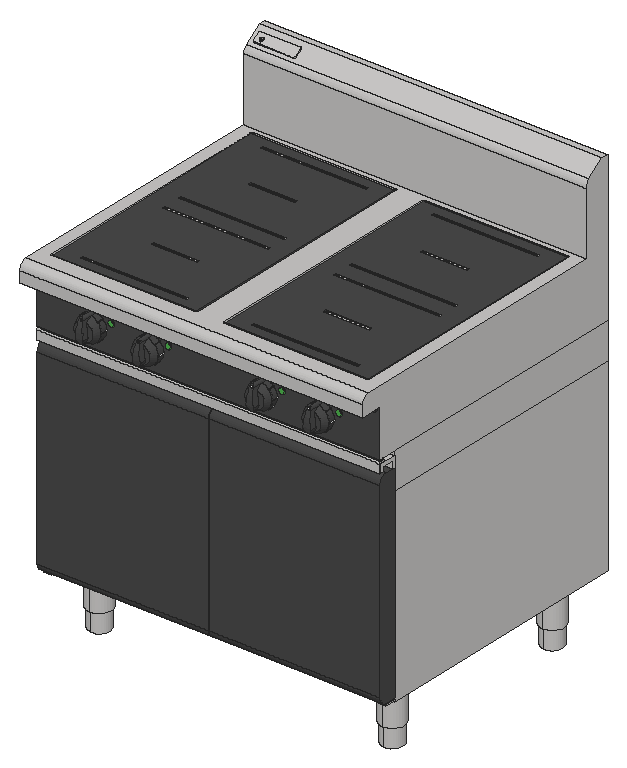
Revit family "QF_Moffat_INB8400R3-CD_Induction_Cooktop_cat", category Specialty Equipment, Revit 2019
Family settings
  Round Connector Dimension = Use Diameter
  Part Type = Normal
  Work Plane-Based = No
  Always vertical = Yes
  Cut with Voids When Loaded = No
  Shared = No
  Room Calculation Point = No
Parameters (values of type "INB8400R3-CD_415/60/3")
  Weight in Kilograms = 105
  Watts = 14000 W
  Volts = 415 V
  URL Cutsheet = ""
  Specification by User = ""
  Specification by Manufacturer = ""
  Show Logo [instance] = yes
  Serial Number = ""
  Seismic Rating = ""
  SMACNA No = ""
  Revision Code = ""
  Phase = 3
  Number of Poles = 1
  NAFEM Spec ID Number = ""
  Model = "INB8400R3-CD"
  Min Ckt Ampacity = 0 A
  Max Overcurrent Protection = 0 A
  Masterspec = ""
  Manufacturer = "Moffat"
  Length = 900 mm
  Item Number = ""
  Installed By = ""
  Identify Quantity as Lot = yes
  Height = 1130 mm
  HP = ""
  Furnished By = ""
  Foodservice Equipment Identifier = yes
  FL Amps = 20 A
  Electrical Remarks = ""
  Electric Connection Type = ""
  Elec Conn RI Height = 0 mm
  Elec Conn Connection Height = 0 mm
  Description = "Induction Cooktop"
  Depth = 805 mm
  Cycle = 60 Hz
  Conn Plug = ""
  Conn Conduit = yes
  CSI MasterFormat = ""
  Apparent Power = if(Phase = 3, Volts * FL Amps * 1.73, Volts * FL Amps)  # 14359 VA
Reference planes
  plane 1 "BACK": y = 0
  plane 2: z = 0
  plane 3 "LEFT": x = 0
  plane 4 "RIGHT": x = 900
  plane 5 "FRONT": y = -805
  plane 6 "TOP": z = 1130
  plane 7 "Center Y": x = 450
  plane 8 "Center X": y = -402.5
  plane 9: x = 65.5
  plane 10: x = 834.5
  plane 11: y = -30
  plane 12: z = 150
  plane 13: y = -100
  plane 14: y = -625
  plane 15: y = -70
  plane 16: z = 915
  plane 17: x = 770
Forms (mm)
  Extrusion 1, solid, material "QF_Metal_Stainless_Polished"
    sketch origin (0, 0, 560) x (0, 1, 0) y (0, 0, 1)
      loop
        line (0, 180) -> (0, 570) -> (-18.182, 570) -> (-60.863, 538.99)
        arc (-60.863, 538.99) -> (-67.584, 531.121) -> (-70, 521.058) r 22.165
        line (-70, 521.058) -> (-70, 355) -> (-784.417, 355)
        arc (-784.417, 355) -> (-798.971, 348.971) -> (-805, 334.417) r 20.583
        line (-805, 334.417) -> (-805, 305) -> (-749, 305) -> (-749, 180) -> (0, 180)
    from 0 to 900
  Extrusion 2, void
    sketch origin (0, -784.171, 915) x (0, 1, 0) y (-1, 0, 0)
      loop
        arc (699.341, -37.323) -> (697.584, -33.08) -> (693.341, -31.323) r 6
        line (693.341, -31.323) -> (45.245, -31.323)
        arc (45.245, -31.323) -> (41.002, -33.08) -> (39.245, -37.323) r 6
        line (39.245, -37.323) -> (39.245, -410.105)
        arc (39.245, -410.105) -> (41.002, -414.347) -> (45.245, -416.105) r 6
        line (45.245, -416.105) -> (693.341, -416.105)
        arc (693.341, -416.105) -> (697.584, -414.347) -> (699.341, -410.105) r 6
        line (699.341, -410.105) -> (699.341, -37.323)
      loop
        line (699.341, -862.677) -> (699.341, -489.895)
        arc (699.341, -489.895) -> (697.584, -485.653) -> (693.341, -483.895) r 6
        line (693.341, -483.895) -> (45.245, -483.895)
        arc (45.245, -483.895) -> (41.002, -485.653) -> (39.245, -489.895) r 6
        line (39.245, -489.895) -> (39.245, -862.677)
        arc (39.245, -862.677) -> (41.002, -866.92) -> (45.245, -868.677) r 6
        line (45.245, -868.677) -> (693.341, -868.677)
        arc (693.341, -868.677) -> (697.584, -866.92) -> (699.341, -862.677) r 6
    from 0 to -9.5
  Extrusion 3, solid, material "QF_Plastic_Black_Smooth"
    sketch origin (0, -784.171, 915) x (0, 1, 0) y (-1, 0, 0)
      loop
        line (695.341, -410.105) -> (695.341, -37.323)
        arc (695.341, -37.323) -> (694.755, -35.908) -> (693.341, -35.323) r 2
        line (693.341, -35.323) -> (45.245, -35.323)
        arc (45.245, -35.323) -> (43.831, -35.908) -> (43.245, -37.323) r 2
        line (43.245, -37.323) -> (43.245, -410.105)
        arc (43.245, -410.105) -> (43.831, -411.519) -> (45.245, -412.105) r 2
        line (45.245, -412.105) -> (693.341, -412.105)
        arc (693.341, -412.105) -> (694.755, -411.519) -> (695.341, -410.105) r 2
      loop
        line (667.194, -86.598) -> (661.194, -86.598) -> (661.194, -363.75) -> (667.194, -363.75) -> (667.194, -86.598)
      loop
        line (526.611, -163.924) -> (526.611, -283.924) -> (532.611, -283.924) -> (532.611, -163.924) -> (526.611, -163.924)
      loop
        line (398.444, -86.598) -> (392.444, -86.598) -> (392.444, -363.75) -> (398.444, -363.75) -> (398.444, -86.598)
      loop
        line (345.944, -86.598) -> (339.944, -86.598) -> (339.944, -363.75) -> (345.944, -363.75) -> (345.944, -86.598)
      loop
        line (206.611, -163.924) -> (206.611, -283.924) -> (212.611, -283.924) -> (212.611, -163.924) -> (206.611, -163.924)
      loop
        line (77.194, -86.598) -> (71.194, -86.598) -> (71.194, -363.75) -> (77.194, -363.75) -> (77.194, -86.598)
      loop
        arc (695.341, -489.895) -> (694.755, -488.481) -> (693.341, -487.895) r 2
        line (693.341, -487.895) -> (45.245, -487.895)
        arc (45.245, -487.895) -> (43.831, -488.481) -> (43.245, -489.895) r 2
        line (43.245, -489.895) -> (43.245, -862.677)
        arc (43.245, -862.677) -> (43.831, -864.092) -> (45.245, -864.677) r 2
        line (45.245, -864.677) -> (693.341, -864.677)
        arc (693.341, -864.677) -> (694.755, -864.092) -> (695.341, -862.677) r 2
        line (695.341, -862.677) -> (695.341, -489.895)
      loop
        line (667.194, -813.402) -> (667.194, -536.25) -> (661.194, -536.25) -> (661.194, -813.402) -> (667.194, -813.402)
      loop
        line (526.611, -736.076) -> (532.611, -736.076) -> (532.611, -616.076) -> (526.611, -616.076) -> (526.611, -736.076)
      loop
        line (398.444, -813.402) -> (398.444, -536.25) -> (392.444, -536.25) -> (392.444, -813.402) -> (398.444, -813.402)
      loop
        line (345.944, -813.402) -> (345.944, -536.25) -> (339.944, -536.25) -> (339.944, -813.402) -> (345.944, -813.402)
      loop
        line (206.611, -736.076) -> (212.611, -736.076) -> (212.611, -616.076) -> (206.611, -616.076) -> (206.611, -736.076)
      loop
        line (77.194, -813.402) -> (77.194, -536.25) -> (71.194, -536.25) -> (71.194, -813.402) -> (77.194, -813.402)
    from 0 to -9.5
  Extrusion 4, solid, material "QF_Metal_Stainless_Polished"
    sketch origin (0, 0, 600) x (0, 1, 0) y (0, 0, 1)
      loop
        line (-739.467, 140) -> (-738.192, 134.838)
        arc (-738.192, 134.838) -> (-738.307, 134.302) -> (-738.799, 134.063) r 0.625
        line (-738.799, 134.063) -> (-746.111, 134.063)
        arc (-746.111, 134.063) -> (-748.011, 133.276) -> (-748.797, 131.377) r 2.686
        line (-748.797, 131.377) -> (-748.797, 107.627) -> (-747.197, 107.627) -> (-747.197, 131.242)
        arc (-747.197, 131.242) -> (-746.84, 132.105) -> (-745.976, 132.463) r 1.221
        line (-745.976, 132.463) -> (-738.755, 132.463)
        arc (-738.755, 132.463) -> (-737.028, 133.304) -> (-736.625, 135.182) r 2.194
        line (-736.625, 135.182) -> (-737.815, 140) -> (-739.467, 140)
    from 0 to 900
  Extrusion 5, solid, material "QF_Plastic_Black_Smooth"
    sketch origin (0, -749, 741.875) x (0, 0, 1) y (-1, 0, 0)
      loop
        circle (112.843, -13.157) r 5
      loop
        circle (112.843, -886.843) r 5
    from 0 to 1.6
  Extrusion 6, solid, material "QF_Metal_Stainless_Polished"
    sketch origin (450, -699, 645) x (0, 1, 0) y (1, 0, 0)
      loop
        circle (669, 320) r 6.35
    from 0 to 10
  Extrusion 7, solid, material "QF_Metal_Stainless_Polished"
    sketch origin (0, -699, 645) x (1, 0, 0) y (0, -1, 0)
      loop
        line (0, -699) -> (900, -699) -> (900, 0) -> (849.2, 0) -> (849.2, -25.4) -> (485.8, -25.4) -> (485.8, 0) -> (414.2, 0) -> (414.2, -25.4) -> (50.8, -25.4) -> (50.8, 0) -> (0, 0) -> (0, -699)
    from 0 to -95
  Extrusion 8, solid, material "QF_Metal_Stainless_Polished"
    sketch origin (50.8, -30, 645) x (0, 1, 0) y (0, 0, 1)
      loop
        line (-669, 0) -> (-643.6, 0) -> (-643.6, 26.45) -> (-669, 26.45) -> (-669, 0)
      loop
        line (-669, 32.45) -> (-643.6, 32.45) -> (-643.6, 66.4) -> (-669, 66.4) -> (-669, 32.45)
      loop
        line (-669, 67.4) -> (-643.6, 67.4) -> (-643.6, 95) -> (-669, 95) -> (-669, 67.4)
    from 0 to 363.4
  Extrusion 9, solid, material "QF_Metal_Stainless_Polished"
    sketch origin (900, 0, 560) x (-1, 0, 0) y (0, -1, 0)
      loop
        line (536.25, 122.976) -> (536.25, 116.976) -> (813.402, 116.976) -> (813.402, 122.976) -> (536.25, 122.976)
      loop
        line (736.076, 251.56) -> (736.076, 257.56) -> (616.076, 257.56) -> (616.076, 251.56) -> (736.076, 251.56)
      loop
        line (813.402, 385.726) -> (813.402, 391.726) -> (536.25, 391.726) -> (536.25, 385.726) -> (813.402, 385.726)
      loop
        line (813.402, 438.226) -> (813.402, 444.226) -> (536.25, 444.226) -> (536.25, 438.226) -> (813.402, 438.226)
      loop
        line (736.076, 571.56) -> (736.076, 577.56) -> (616.076, 577.56) -> (616.076, 571.56) -> (736.076, 571.56)
      loop
        line (536.25, 712.976) -> (536.25, 706.976) -> (813.402, 706.976) -> (813.402, 712.976) -> (536.25, 712.976)
      loop
        line (363.75, 122.976) -> (86.598, 122.976) -> (86.598, 116.976) -> (363.75, 116.976) -> (363.75, 122.976)
      loop
        line (163.924, 251.56) -> (283.924, 251.56) -> (283.924, 257.56) -> (163.924, 257.56) -> (163.924, 251.56)
      loop
        line (86.598, 385.726) -> (363.75, 385.726) -> (363.75, 391.726) -> (86.598, 391.726) -> (86.598, 385.726)
      loop
        line (86.598, 438.226) -> (363.75, 438.226) -> (363.75, 444.226) -> (86.598, 444.226) -> (86.598, 438.226)
      loop
        line (163.924, 571.56) -> (283.924, 571.56) -> (283.924, 577.56) -> (163.924, 577.56) -> (163.924, 571.56)
      loop
        line (363.75, 712.976) -> (86.598, 712.976) -> (86.598, 706.976) -> (363.75, 706.976) -> (363.75, 712.976)
    from 355 to 345.5
  Extrusion 10, solid, material "QF_Paint_Green"
    sketch origin (63.231, -748.999, 713.75) x (0, 0, 1) y (-1, 0, 0)
      loop
        circle (100.3, -282.5) r 7.15
    from 0 to 1.6
  Extrusion 11, solid, material "QF_Plastic_Black_Smooth"
    sketch origin (75, -748.999, 725.625) x (0, 0, 1) y (-1, 0, 0)
      loop
        circle (112.843, -225) r 5
    from 0 to 1.6
  Extrusion 12, solid, material "QF_Paint_Green"
    sketch origin (-86.769, -748.999, 713.75) x (0, 0, 1) y (-1, 0, 0)
      loop
        circle (100.3, -282.5) r 7.15
    from 0 to 1.6
  Extrusion 13, solid, material "QF_Plastic_Black_Smooth"
    sketch origin (-75, -748.999, 725.625) x (0, 0, 1) y (-1, 0, 0)
      loop
        circle (112.843, -225) r 5
    from 0 to 1.6
  Extrusion 14, solid, material "QF_Paint_Green"
    sketch origin (511.981, -748.999, 713.75) x (0, 0, 1) y (-1, 0, 0)
      loop
        circle (100.3, -282.5) r 7.15
    from 0 to 1.6
  Extrusion 15, solid, material "QF_Plastic_Black_Smooth"
    sketch origin (523.75, -748.999, 725.625) x (0, 0, 1) y (-1, 0, 0)
      loop
        circle (112.843, -225) r 5
    from 0 to 1.6
  Extrusion 16, solid, material "QF_Paint_Green"
    sketch origin (361.981, -748.999, 713.75) x (0, 0, 1) y (-1, 0, 0)
      loop
        circle (100.3, -282.5) r 7.15
    from 0 to 1.6
  Extrusion 17, solid, material "QF_Plastic_Black_Smooth"
    sketch origin (373.75, -748.999, 725.625) x (0, 0, 1) y (-1, 0, 0)
      loop
        circle (112.843, -225) r 5
    from 0 to 1.6
  Extrusion 18, solid, material "QF_Metal_Stainless_Polished"
    sketch origin (849.2, -30, 645) x (0, 1, 0) y (0, 0, -1)
      loop
        line (-669, 0) -> (-669, -26.45) -> (-643.6, -26.45) -> (-643.6, 0) -> (-669, 0)
      loop
        line (-669, -32.45) -> (-669, -66.4) -> (-643.6, -66.4) -> (-643.6, -32.45) -> (-669, -32.45)
      loop
        line (-669, -67.4) -> (-669, -95) -> (-643.6, -95) -> (-643.6, -67.4) -> (-669, -67.4)
    from 0 to 363.4
Cuts and joins
  Extrusion 2 cuts Extrusion 1
Lines and regions (mm)
  symbolic lines
    curve 1: line (0, 0, 0) -> (900, 0, 0)
    curve 2: line (0, -805, 0) -> (0, 0, 0)
    curve 3: line (900, -805, 0) -> (0, -805, 0)
    curve 4: line (900, 0, 0) -> (900, -805, 0)
    curve 5: line (0, -18.182, 0) -> (900, -18.182, 0)
    curve 6: line (0, -70, 0) -> (450, -70, 0)
    curve 7: line (37.323, -84.83, 0) -> (410.105, -84.83, 0)
    curve 8: arc (410.105, -84.83, 0) -> (414.347, -86.587, 0) -> (416.105, -90.83, 0) r 6
    curve 9: line (416.105, -90.83, 0) -> (416.105, -738.926, 0)
    curve 10: arc (416.105, -738.926, 0) -> (414.347, -743.168, 0) -> (410.105, -744.926, 0) r 6
    curve 11: line (410.105, -744.926, 0) -> (37.323, -744.926, 0)
    curve 12: arc (37.323, -744.926, 0) -> (33.08, -743.168, 0) -> (31.323, -738.926, 0) r 6
    curve 13: line (31.323, -738.926, 0) -> (31.323, -90.83, 0)
    curve 14: arc (31.323, -90.83, 0) -> (33.08, -86.587, 0) -> (37.323, -84.83, 0) r 6
    curve 15: line (410.105, -88.83, 0) -> (37.323, -88.83, 0)
    curve 16: arc (37.323, -88.83, 0) -> (35.908, -89.415, 0) -> (35.323, -90.83, 0) r 2
    curve 17: line (35.323, -90.83, 0) -> (35.323, -738.926, 0)
    curve 18: arc (35.323, -738.926, 0) -> (35.908, -740.34, 0) -> (37.323, -740.926, 0) r 2
    curve 19: line (37.323, -740.926, 0) -> (410.105, -740.926, 0)
    curve 20: arc (410.105, -740.926, 0) -> (411.519, -740.34, 0) -> (412.105, -738.926, 0) r 2
    curve 21: line (412.105, -738.926, 0) -> (412.105, -90.83, 0)
    curve 22: arc (412.105, -90.83, 0) -> (411.519, -89.415, 0) -> (410.105, -88.83, 0) r 2
    curve 23: line (416.105, -738.926, 0) -> (416.105, -90.83, 0)
    curve 24: line (412.105, -90.83, 0) -> (412.105, -738.926, 0)
    curve 25: line (862.677, -84.83, 0) -> (489.895, -84.83, 0)
    curve 26: arc (489.895, -84.83, 0) -> (485.653, -86.587, 0) -> (483.895, -90.83, 0) r 6
    curve 27: arc (483.895, -738.926, 0) -> (485.653, -743.168, 0) -> (489.895, -744.926, 0) r 6
    curve 28: line (489.895, -744.926, 0) -> (862.677, -744.926, 0)
    curve 29: arc (862.677, -744.926, 0) -> (866.92, -743.168, 0) -> (868.677, -738.926, 0) r 6
    curve 30: line (868.677, -738.926, 0) -> (868.677, -90.83, 0)
    curve 31: arc (868.677, -90.83, 0) -> (866.92, -86.587, 0) -> (862.677, -84.83, 0) r 6
    curve 32: line (489.895, -88.83, 0) -> (862.677, -88.83, 0)
    curve 33: arc (862.677, -88.83, 0) -> (864.092, -89.415, 0) -> (864.677, -90.83, 0) r 2
    curve 34: line (864.677, -90.83, 0) -> (864.677, -738.926, 0)
    curve 35: arc (864.677, -738.926, 0) -> (864.092, -740.34, 0) -> (862.677, -740.926, 0) r 2
    curve 36: line (862.677, -740.926, 0) -> (489.895, -740.926, 0)
    curve 37: arc (489.895, -740.926, 0) -> (488.481, -740.34, 0) -> (487.895, -738.926, 0) r 2
    curve 38: arc (487.895, -90.83, 0) -> (488.481, -89.415, 0) -> (489.895, -88.83, 0) r 2
    curve 39: line (487.895, -90.83, 0) -> (487.895, -738.926, 0)
    curve 40: arc (487.895, -738.926, 0) -> (488.481, -740.34, 0) -> (489.895, -740.926, 0) r 2
    curve 41: line (489.895, -740.926, 0) -> (862.677, -740.926, 0)
    curve 42: arc (862.677, -740.926, 0) -> (864.092, -740.34, 0) -> (864.677, -738.926, 0) r 2
    curve 43: line (864.677, -738.926, 0) -> (864.677, -90.83, 0)
    curve 44: arc (864.677, -90.83, 0) -> (864.092, -89.415, 0) -> (862.677, -88.83, 0) r 2
    curve 45: line (862.677, -88.83, 0) -> (489.895, -88.83, 0)
    curve 46: arc (489.895, -88.83, 0) -> (488.481, -89.415, 0) -> (487.895, -90.83, 0) r 2
    curve 47: line (483.895, -90.83, 0) -> (483.895, -738.926, 0)
    curve 48: arc (483.895, -738.926, 0) -> (485.653, -743.168, 0) -> (489.895, -744.926, 0) r 6
    curve 49: line (489.895, -744.926, 0) -> (862.677, -744.926, 0)
    curve 50: arc (862.677, -744.926, 0) -> (866.92, -743.168, 0) -> (868.677, -738.926, 0) r 6
    curve 51: line (868.677, -738.926, 0) -> (868.677, -90.83, 0)
    curve 52: arc (868.677, -90.83, 0) -> (866.92, -86.587, 0) -> (862.677, -84.83, 0) r 6
    curve 53: line (862.677, -84.83, 0) -> (489.895, -84.83, 0)
    curve 54: arc (489.895, -84.83, 0) -> (485.653, -86.587, 0) -> (483.895, -90.83, 0) r 6
    curve 55: line (86.598, -122.976, 0) -> (363.75, -122.976, 0)
    curve 56: line (363.75, -122.976, 0) -> (363.75, -116.976, 0)
    curve 57: line (363.75, -116.976, 0) -> (86.598, -116.976, 0)
    curve 58: line (86.598, -116.976, 0) -> (86.598, -122.976, 0)
    curve 59: line (283.924, -251.56, 0) -> (163.924, -251.56, 0)
    curve 60: line (163.924, -251.56, 0) -> (163.924, -257.56, 0)
    curve 61: line (163.924, -257.56, 0) -> (283.924, -257.56, 0)
    curve 62: line (283.924, -257.56, 0) -> (283.924, -251.56, 0)
    curve 63: line (536.25, -122.976, 0) -> (813.402, -122.976, 0)
    curve 64: line (813.402, -122.976, 0) -> (813.402, -116.976, 0)
    curve 65: line (813.402, -116.976, 0) -> (536.25, -116.976, 0)
    curve 66: line (536.25, -116.976, 0) -> (536.25, -122.976, 0)
    curve 67: line (736.076, -251.56, 0) -> (616.076, -251.56, 0)
    curve 68: line (616.076, -251.56, 0) -> (616.076, -257.56, 0)
    curve 69: line (616.076, -257.56, 0) -> (736.076, -257.56, 0)
    curve 70: line (736.076, -257.56, 0) -> (736.076, -251.56, 0)
    curve 71: line (736.076, -571.56, 0) -> (616.076, -571.56, 0)
    curve 72: line (616.076, -571.56, 0) -> (616.076, -577.56, 0)
    curve 73: line (616.076, -577.56, 0) -> (736.076, -577.56, 0)
    curve 74: line (736.076, -577.56, 0) -> (736.076, -571.56, 0)
    curve 75: line (813.402, -706.976, 0) -> (536.25, -706.976, 0)
    curve 76: line (536.25, -706.976, 0) -> (536.25, -712.976, 0)
    curve 77: line (536.25, -712.976, 0) -> (813.402, -712.976, 0)
    curve 78: line (813.402, -712.976, 0) -> (813.402, -706.976, 0)
    curve 79: line (86.598, -712.976, 0) -> (363.75, -712.976, 0)
    curve 80: line (363.75, -712.976, 0) -> (363.75, -706.976, 0)
    curve 81: line (363.75, -706.976, 0) -> (86.598, -706.976, 0)
    curve 82: line (86.598, -706.976, 0) -> (86.598, -712.976, 0)
    curve 83: line (283.924, -577.56, 0) -> (163.924, -577.56, 0)
    curve 84: line (163.924, -577.56, 0) -> (163.924, -571.56, 0)
    curve 85: line (163.924, -571.56, 0) -> (283.924, -571.56, 0)
    curve 86: line (283.924, -571.56, 0) -> (283.924, -577.56, 0)
    curve 87: line (86.598, -444.226, 0) -> (363.75, -444.226, 0)
    curve 88: line (363.75, -444.226, 0) -> (363.75, -438.226, 0)
    curve 89: line (363.75, -438.226, 0) -> (86.598, -438.226, 0)
    curve 90: line (86.598, -438.226, 0) -> (86.598, -444.226, 0)
    curve 91: line (86.598, -391.726, 0) -> (363.75, -391.726, 0)
    curve 92: line (363.75, -391.726, 0) -> (363.75, -385.726, 0)
    curve 93: line (363.75, -385.726, 0) -> (86.598, -385.726, 0)
    curve 94: line (86.598, -385.726, 0) -> (86.598, -391.726, 0)
    curve 95: line (0, 0, 560) -> (900, 0, 560)
    curve 96: line (0, -805, 560) -> (0, 0, 560)
    curve 97: line (900, -805, 560) -> (0, -805, 560)
    curve 98: line (900, 0, 560) -> (900, -805, 560)
    curve 99: line (0, -18.182, 560) -> (900, -18.182, 560)
    curve 100: line (0, -70, 560) -> (900, -70, 560)
    curve 101: line (416.105, -90.83, 560) -> (416.105, -738.926, 560)
    curve 102: line (412.105, -738.926, 560) -> (412.105, -90.83, 560)
    curve 103: line (416.105, -738.926, 560) -> (416.105, -90.83, 560)
    curve 104: line (412.105, -90.83, 560) -> (412.105, -738.926, 560)
    curve 105: line (862.677, -84.83, 560) -> (489.895, -84.83, 560)
    curve 106: arc (483.895, -738.926, 560) -> (485.653, -743.168, 560) -> (489.895, -744.926, 560) r 6
    curve 107: line (489.895, -744.926, 560) -> (862.677, -744.926, 560)
    curve 108: arc (862.677, -744.926, 560) -> (866.92, -743.168, 560) -> (868.677, -738.926, 560) r 6
    curve 109: arc (864.677, -738.926, 560) -> (864.092, -740.34, 560) -> (862.677, -740.926, 560) r 2
    curve 110: line (862.677, -740.926, 560) -> (489.895, -740.926, 560)
    curve 111: arc (489.895, -740.926, 560) -> (488.481, -740.34, 560) -> (487.895, -738.926, 560) r 2
    curve 112: arc (487.895, -738.926, 560) -> (488.481, -740.34, 560) -> (489.895, -740.926, 560) r 2
    curve 113: line (489.895, -740.926, 560) -> (862.677, -740.926, 560)
    curve 114: arc (862.677, -740.926, 560) -> (864.092, -740.34, 560) -> (864.677, -738.926, 560) r 2
    curve 115: arc (483.895, -738.926, 560) -> (485.653, -743.168, 560) -> (489.895, -744.926, 560) r 6
    curve 116: line (489.895, -744.926, 560) -> (862.677, -744.926, 560)
    curve 117: arc (862.677, -744.926, 560) -> (866.92, -743.168, 560) -> (868.677, -738.926, 560) r 6
    curve 118: line (86.598, -122.976, 560) -> (363.75, -122.976, 560)
    curve 119: line (363.75, -122.976, 560) -> (363.75, -116.976, 560)
    curve 120: line (363.75, -116.976, 560) -> (86.598, -116.976, 560)
    curve 121: line (86.598, -116.976, 560) -> (86.598, -122.976, 560)
    curve 122: line (283.924, -251.56, 560) -> (163.924, -251.56, 560)
    curve 123: line (163.924, -251.56, 560) -> (163.924, -257.56, 560)
    curve 124: line (163.924, -257.56, 560) -> (283.924, -257.56, 560)
    curve 125: line (283.924, -257.56, 560) -> (283.924, -251.56, 560)
    curve 126: line (536.25, -122.976, 560) -> (813.402, -122.976, 560)
    curve 127: line (813.402, -122.976, 560) -> (813.402, -116.976, 560)
    curve 128: line (813.402, -116.976, 560) -> (536.25, -116.976, 560)
    curve 129: line (536.25, -116.976, 560) -> (536.25, -122.976, 560)
    curve 130: line (736.076, -251.56, 560) -> (616.076, -251.56, 560)
    curve 131: line (616.076, -251.56, 560) -> (616.076, -257.56, 560)
    curve 132: line (616.076, -257.56, 560) -> (736.076, -257.56, 560)
    curve 133: line (736.076, -257.56, 560) -> (736.076, -251.56, 560)
    curve 134: line (736.076, -571.56, 560) -> (616.076, -571.56, 560)
    curve 135: line (616.076, -571.56, 560) -> (616.076, -577.56, 560)
    curve 136: line (616.076, -577.56, 560) -> (736.076, -577.56, 560)
    curve 137: line (736.076, -577.56, 560) -> (736.076, -571.56, 560)
    curve 138: line (813.402, -706.976, 560) -> (536.25, -706.976, 560)
    curve 139: line (536.25, -706.976, 560) -> (536.25, -712.976, 560)
    curve 140: line (536.25, -712.976, 560) -> (813.402, -712.976, 560)
    curve 141: line (813.402, -712.976, 560) -> (813.402, -706.976, 560)
    curve 142: line (86.598, -712.976, 560) -> (363.75, -712.976, 560)
    curve 143: line (363.75, -712.976, 560) -> (363.75, -706.976, 560)
    curve 144: line (363.75, -706.976, 560) -> (86.598, -706.976, 560)
    curve 145: line (86.598, -706.976, 560) -> (86.598, -712.976, 560)
    curve 146: line (283.924, -577.56, 560) -> (163.924, -577.56, 560)
    curve 147: line (163.924, -577.56, 560) -> (163.924, -571.56, 560)
    curve 148: line (163.924, -571.56, 560) -> (283.924, -571.56, 560)
    curve 149: line (283.924, -571.56, 560) -> (283.924, -577.56, 560)
    curve 150: line (86.598, -444.226, 560) -> (363.75, -444.226, 560)
    curve 151: line (363.75, -444.226, 560) -> (363.75, -438.226, 560)
    curve 152: line (363.75, -438.226, 560) -> (86.598, -438.226, 560)
    curve 153: line (86.598, -438.226, 560) -> (86.598, -444.226, 560)
    curve 154: line (86.598, -391.726, 560) -> (363.75, -391.726, 560)
    curve 155: line (363.75, -391.726, 560) -> (363.75, -385.726, 560)
    curve 156: line (363.75, -385.726, 560) -> (86.598, -385.726, 560)
    curve 157: line (86.598, -385.726, 560) -> (86.598, -391.726, 560)
    curve 158: line (536.25, -391.726, 560) -> (813.402, -391.726, 560)
    curve 159: line (813.402, -391.726, 560) -> (813.402, -385.726, 560)
    curve 160: line (813.402, -385.726, 560) -> (536.25, -385.726, 560)
    curve 161: line (536.25, -385.726, 560) -> (536.25, -391.726, 560)
    curve 162: line (536.25, -444.226, 560) -> (813.402, -444.226, 560)
    curve 163: line (813.402, -444.226, 560) -> (813.402, -438.226, 560)
    curve 164: line (813.402, -438.226, 560) -> (536.25, -438.226, 560)
    curve 165: line (536.25, -438.226, 560) -> (536.25, -444.226, 560)
Dimensions and locks
  equal spacing: plane 3 "LEFT", plane 7 "Center Y", plane 4 "RIGHT"
  "Length": plane 3 "LEFT" to plane 4 "RIGHT"
  equal spacing: plane 5 "FRONT", plane 8 "Center X", plane 1 "BACK"
  "Depth": plane 5 "FRONT" to plane 1 "BACK"
  "Height": plane 6 "TOP" to level
  plane 9 to plane 10 = 769 mm
  plane 4 "RIGHT" to plane 3 "LEFT" = 900 mm
  plane 6 "TOP" to plane 2 = 1130 mm
  plane 1 "BACK" to plane 11 = 30 mm
  plane 1 "BACK" to plane 13 to plane 14 = 100 mm, 525 mm
  plane 1 "BACK" to plane 15 = 70 mm
  plane 16 to level = 915 mm  (x2)
  level to plane 12 = 150 mm
  plane 12 to level = 150 mm
  plane 4 "RIGHT" to plane 17 = 130 mm
  plane 1 "BACK" to plane 5 "FRONT" = 805 mm
  locked: plane 10 to plane 4 "RIGHT" at 65.5
  aligned and locked: level to plane 2
  aligned and locked: Extrusion 18 to Extrusion 7  (x2)
Automatic sketch dimensions
  Extrusion 1 sketch curve to plane 5 "FRONT" = 0 mm
  Extrusion 1 sketch curve to plane 16 = 0 mm
  Extrusion 1 sketch curve to plane 15 = 0 mm
  Extrusion 1 sketch curve to plane 6 "TOP" = 0 mm
  Extrusion 1 sketch curve to plane 1 "BACK" = 0 mm
  Extrusion 1 sketch curve to plane 5 "FRONT" = 20.583 mm
  Extrusion 1 sketch curve to plane 5 "FRONT" = 56 mm
  Extrusion 1 sketch curve to plane 15 = 9.137 mm
  plane 11 to Extrusion 1 sketch curve = 17.835 mm
  Extrusion 1 sketch curve to plane 11 = 11.818 mm
  Extrusion 1 sketch curve to Extrusion 1 sketch curve = 29.417 mm
  Extrusion 1 sketch curve to plane 16 = 175 mm
  Extrusion 1 sketch curve to plane 6 "TOP" = 48.942 mm
  Extrusion 2 sketch curve to Extrusion 1 = 39.492 mm  (x2)
  Extrusion 2 sketch curve to Extrusion 2 sketch curve = 6 mm  (x6)
  Extrusion 1 to Extrusion 2 sketch curve = 20.83 mm  (x4)
  Extrusion 1 to Extrusion 2 sketch curve = 31.323 mm
  Extrusion 2 sketch curve to Extrusion 2 sketch curve = 372.782 mm
  Extrusion 2 sketch curve to Extrusion 2 sketch curve = 67.791 mm
  Extrusion 1 to Extrusion 2 sketch curve = 37.323 mm
  Extrusion 4 sketch curve to plane 5 "FRONT" = 56.203 mm
  Extrusion 4 sketch curve to Extrusion 4 sketch curve = 1.6 mm
  Extrusion 4 sketch curve to Extrusion 4 sketch curve = 1.086 mm
  Extrusion 4 sketch curve to Extrusion 4 sketch curve = 0.135 mm  (x2)
  Extrusion 4 sketch curve to Extrusion 4 sketch curve = 6.644 mm
  Extrusion 4 sketch curve to Extrusion 4 sketch curve = 0.668 mm
  Extrusion 4 sketch curve to Extrusion 4 sketch curve = 0.044 mm
  Extrusion 4 sketch curve to Extrusion 4 sketch curve = 0.563 mm
  Extrusion 4 sketch curve to Extrusion 4 sketch curve = 1.652 mm
  Extrusion 4 sketch curve to Extrusion 4 sketch curve = 1.567 mm
  Extrusion 4 sketch curve to plane 16 = 207.373 mm
  Extrusion 4 sketch curve to Extrusion 4 sketch curve = 23.614 mm
  Extrusion 4 sketch curve to Extrusion 4 sketch curve = 0.594 mm
  Extrusion 4 sketch curve to Extrusion 4 sketch curve = 0.032 mm
  Extrusion 4 sketch curve to Extrusion 4 sketch curve = 5.162 mm
  Extrusion 1 to Extrusion 5 sketch curve = 10.282 mm  (x2)
  Extrusion 1 to Extrusion 5 sketch curve = 13.157 mm  (x2)
  Extrusion 12 sketch curve to plane 16 = 100.95 mm
  Extrusion 12 sketch curve to plane 9 = 130.231 mm
  Extrusion 13 sketch curve to plane 16 = 76.532 mm
  Extrusion 13 sketch curve to plane 9 = 84.5 mm
  plane 17 to Extrusion 14 sketch curve = 24.481 mm
  Extrusion 14 sketch curve to plane 16 = 100.95 mm
  Extrusion 15 sketch curve to plane 17 = 21.25 mm
  Extrusion 15 sketch curve to plane 16 = 76.532 mm
  Extrusion 16 sketch curve to plane 16 = 100.95 mm
  Extrusion 16 sketch curve to plane 17 = 125.519 mm
  plane 14 to Extrusion 18 sketch curve = 74 mm
  Extrusion 18 sketch curve to Extrusion 18 sketch curve = 0 mm  (x4)
  Extrusion 18 sketch curve to Extrusion 18 sketch curve = 25.4 mm
  Extrusion 18 sketch curve to plane 16 = 175 mm
  Extrusion 18 sketch curve to Extrusion 18 sketch curve = 27.6 mm
  Extrusion 18 sketch curve to Extrusion 18 sketch curve = 1 mm
  Extrusion 18 sketch curve to Extrusion 18 sketch curve = 33.95 mm
  Extrusion 18 sketch curve to Extrusion 18 sketch curve = 6 mm
  Extrusion 18 sketch curve to Extrusion 18 sketch curve = 26.45 mm
  Extrusion 3 sketch curve to Extrusion 1 = 43.492 mm  (x2)
  Extrusion 3 sketch curve to Extrusion 3 sketch curve = 2 mm  (x6)
  Extrusion 3 sketch curve to Extrusion 3 sketch curve = 25.949 mm  (x2)
  Extrusion 3 sketch curve to Extrusion 3 sketch curve = 6 mm  (x12)
  Extrusion 3 sketch curve to Extrusion 3 sketch curve = 129.416 mm  (x2)
  Extrusion 3 sketch curve to Extrusion 3 sketch curve = 127.334 mm  (x2)
  Extrusion 3 sketch curve to Extrusion 3 sketch curve = 46.5 mm  (x2)
  Extrusion 3 sketch curve to Extrusion 3 sketch curve = 128.166 mm  (x2)
  Extrusion 1 to Extrusion 3 sketch curve = 52.976 mm  (x2)
  Extrusion 1 to Extrusion 3 sketch curve = 20.83 mm  (x4)
  Extrusion 1 to Extrusion 3 sketch curve = 35.323 mm
  Extrusion 3 sketch curve to Extrusion 3 sketch curve = 49.275 mm  (x2)
  Extrusion 1 to Extrusion 3 sketch curve = 86.598 mm  (x4)
  Extrusion 3 sketch curve to Extrusion 3 sketch curve = 0 mm  (x4)
  Extrusion 3 sketch curve to Extrusion 3 sketch curve = 77.326 mm  (x2)
  Extrusion 3 sketch curve to Extrusion 3 sketch curve = 120 mm  (x4)
  Extrusion 3 sketch curve to Extrusion 3 sketch curve = 79.826 mm  (x5)
  Extrusion 3 sketch curve to Extrusion 3 sketch curve = 46.355 mm  (x3)
  Extrusion 3 sketch curve to Extrusion 3 sketch curve = 75.791 mm
  Extrusion 3 sketch curve to Extrusion 3 sketch curve = 172.5 mm
  Extrusion 1 to Extrusion 3 sketch curve = 37.323 mm
  curve 8 to curve 22 = 0 mm  (x2)
  curve 10 to curve 20 = 0 mm  (x2)
  curve 12 to curve 18 = 0 mm  (x2)
  curve 14 to curve 16 = 0 mm  (x2)
  curve 26 to curve 38 = 0 mm  (x2)
  curve 26 to curve 46 = 0 mm  (x2)
  curve 26 to curve 54 = 0 mm  (x2)
  curve 27 to curve 37 = 0 mm  (x2)
  curve 27 to curve 40 = 0 mm  (x2)
  curve 27 to curve 48 = 0 mm  (x2)
  curve 29 to curve 35 = 0 mm  (x2)
  curve 29 to curve 42 = 0 mm  (x2)
  curve 29 to curve 50 = 0 mm  (x2)
  curve 31 to curve 33 = 0 mm  (x2)
  curve 31 to curve 44 = 0 mm  (x2)
  curve 31 to curve 52 = 0 mm  (x2)
  curve 33 to curve 44 = 0 mm  (x2)
  curve 33 to curve 52 = 0 mm  (x2)
  curve 35 to curve 42 = 0 mm  (x2)
  curve 35 to curve 50 = 0 mm  (x2)
  curve 37 to curve 40 = 0 mm  (x2)
  curve 37 to curve 48 = 0 mm  (x2)
  curve 38 to curve 46 = 0 mm  (x2)
  curve 38 to curve 54 = 0 mm  (x2)
  curve 40 to curve 48 = 0 mm  (x2)
  curve 42 to curve 50 = 0 mm  (x2)
  curve 44 to curve 52 = 0 mm  (x2)
  curve 46 to curve 54 = 0 mm  (x2)
  plane 1 "BACK" to curve 1 = 0 mm
  curve 1 to plane 3 "LEFT" = 0 mm
  curve 6 to plane 7 "Center Y" = 0 mm
  curve 5 to plane 4 "RIGHT" = 0 mm
  plane 5 "FRONT" to curve 3 = 0 mm
  plane 15 to curve 6 = 0 mm
  plane 3 "LEFT" to curve 13 = 31.323 mm
  curve 13 to curve 17 = 4 mm
  curve 17 to curve 16 = 2 mm
  curve 17 to curve 18 = 2 mm
  curve 94 to plane 9 = 21.098 mm
  curve 57 to plane 9 = 21.098 mm
  curve 79 to plane 9 = 21.098 mm
  curve 87 to plane 9 = 21.098 mm
  curve 83 to plane 14 = 47.44 mm
  curve 83 to plane 9 = 98.424 mm
  curve 59 to plane 9 = 98.424 mm
  curve 60 to curve 61 = 120 mm
  curve 85 to plane 14 = 53.44 mm
  curve 84 to curve 85 = 120 mm
  curve 79 to plane 7 "Center Y" = 86.25 mm
  curve 88 to plane 8 "Center X" = 41.726 mm
  curve 88 to plane 7 "Center Y" = 86.25 mm
  plane 13 to curve 57 = 16.976 mm
  curve 57 to plane 7 "Center Y" = 86.25 mm
  plane 8 "Center X" to curve 93 = 16.774 mm
  curve 93 to curve 88 = 0 mm
  curve 10 to plane 7 "Center Y" = 39.895 mm
  curve 22 to plane 13 = 9.17 mm
  curve 22 to plane 7 "Center Y" = 39.895 mm
  curve 10 to curve 21 = 2 mm
  plane 7 "Center Y" to curve 47 = 33.895 mm
  curve 54 to curve 39 = 4 mm
  curve 38 to curve 45 = 2 mm
  curve 37 to curve 40 = 2 mm
  curve 27 to curve 77 = 46.355 mm
  plane 13 to curve 65 = 16.976 mm
  curve 38 to curve 65 = 46.355 mm
  curve 72 to plane 14 = 53.44 mm
  curve 72 to plane 17 = 153.924 mm
  curve 63 to curve 68 = 79.826 mm
  curve 70 to plane 17 = 33.924 mm
  curve 73 to plane 17 = 33.924 mm
  plane 10 to curve 65 = 21.098 mm
  plane 10 to curve 78 = 21.098 mm
  curve 33 to plane 13 = 9.17 mm
  curve 33 to plane 10 = 28.177 mm
  curve 50 to plane 10 = 28.177 mm
  curve 31 to curve 34 = 2 mm
  curve 28 to plane 5 "FRONT" = 60.074 mm
  curve 11 to plane 5 "FRONT" = 60.074 mm
  curve 29 to curve 77 = 25.949 mm
  curve 10 to curve 80 = 25.949 mm
  curve 79 to curve 82 = 6 mm
  curve 77 to curve 75 = 6 mm
  curve 73 to curve 71 = 6 mm
  curve 87 to curve 90 = 6 mm
  curve 92 to curve 92 = 6 mm
  plane 8 "Center X" to curve 68 = 144.94 mm
  plane 8 "Center X" to curve 61 = 144.94 mm
  curve 69 to curve 67 = 6 mm
  curve 61 to curve 62 = 6 mm
  curve 64 to curve 64 = 6 mm
  curve 55 to curve 57 = 6 mm
  curve 5 to plane 11 = 11.818 mm
  plane 8 "Center X" to curve 158 = 10.774 mm
  plane 7 "Center Y" to curve 158 = 86.25 mm
  curve 165 to curve 158 = 0 mm
  plane 10 to curve 159 = 21.098 mm
  plane 10 to curve 162 = 21.098 mm
  curve 163 to plane 8 "Center X" = 35.726 mm
  curve 165 to curve 164 = 6 mm
  curve 158 to curve 161 = 6 mm
  Extrusion 7 to Extrusion 6 sketch curve = 30 mm
  Extrusion 6 sketch curve to Extrusion 7 = 79.2 mm
  Extrusion 7 sketch curve to plane 3 "LEFT" = 0 mm
  Extrusion 7 sketch curve to plane 4 "RIGHT" = 0 mm
  plane 1 "BACK" to Extrusion 7 sketch curve = 0 mm
  plane 9 to Extrusion 7 sketch curve = 14.7 mm
  Extrusion 7 sketch curve to plane 7 "Center Y" = 35.8 mm
  plane 7 "Center Y" to Extrusion 7 sketch curve = 35.8 mm
  Extrusion 7 sketch curve to plane 10 = 14.7 mm
  plane 14 to Extrusion 7 sketch curve = 48.6 mm  (x2)
  Extrusion 7 sketch curve to Extrusion 7 sketch curve = 25.4 mm  (x3)
  Extrusion 8 sketch curve to Extrusion 7 = 0 mm  (x8)
  Extrusion 7 to Extrusion 8 sketch curve = 26.45 mm
  Extrusion 8 sketch curve to Extrusion 8 sketch curve = 6 mm
  Extrusion 7 to Extrusion 8 sketch curve = 28.6 mm
  Extrusion 8 sketch curve to Extrusion 8 sketch curve = 1 mm
  Extrusion 9 sketch curve to plane 10 = 21.098 mm  (x4)
  plane 17 to Extrusion 9 sketch curve = 33.924 mm  (x2)
  plane 14 to Extrusion 9 sketch curve = 47.44 mm
  Extrusion 9 sketch curve to Extrusion 9 sketch curve = 120 mm  (x2)
  plane 8 "Center X" to Extrusion 9 sketch curve = 41.726 mm  (x2)
  Extrusion 9 sketch curve to plane 7 "Center Y" = 86.25 mm  (x3)
  Extrusion 9 sketch curve to plane 8 "Center X" = 16.774 mm  (x2)
  Extrusion 9 sketch curve to Extrusion 9 sketch curve = 0 mm  (x2)
  Extrusion 9 sketch curve to plane 13 = 22.976 mm
  plane 7 "Center Y" to Extrusion 9 sketch curve = 86.25 mm  (x3)
  Extrusion 9 sketch curve to plane 13 = 16.976 mm
  plane 14 to Extrusion 9 sketch curve = 53.44 mm
  Extrusion 9 sketch curve to Extrusion 9 sketch curve = 79.826 mm  (x2)
  plane 9 to Extrusion 9 sketch curve = 98.424 mm  (x2)
  plane 9 to Extrusion 9 sketch curve = 21.098 mm  (x4)
  Extrusion 9 sketch curve to plane 14 = 81.976 mm  (x2)
  Extrusion 9 sketch curve to Extrusion 9 sketch curve = 6 mm  (x12)
  Extrusion 9 sketch curve to plane 8 "Center X" = 144.94 mm  (x2)
  Extrusion 10 sketch curve to plane 16 = 100.95 mm
  Extrusion 10 sketch curve to plane 7 "Center Y" = 104.269 mm
  Extrusion 11 sketch curve to plane 16 = 76.532 mm
  Extrusion 11 sketch curve to plane 7 "Center Y" = 150 mm
  Extrusion 17 sketch curve to plane 16 = 76.532 mm
  plane 7 "Center Y" to Extrusion 17 sketch curve = 148.75 mm
  curve 106 to curve 111 = 0 mm  (x2)
  curve 106 to curve 112 = 0 mm  (x2)
  curve 106 to curve 115 = 0 mm  (x2)
  curve 108 to curve 109 = 0 mm  (x2)
  curve 108 to curve 114 = 0 mm  (x2)
  curve 108 to curve 117 = 0 mm  (x2)
  curve 109 to curve 114 = 0 mm  (x2)
  curve 109 to curve 117 = 0 mm  (x2)
  curve 111 to curve 112 = 0 mm  (x2)
  curve 111 to curve 115 = 0 mm  (x2)
  curve 112 to curve 115 = 0 mm  (x2)
  curve 114 to curve 117 = 0 mm  (x2)
  plane 1 "BACK" to curve 95 = 0 mm
  curve 95 to plane 3 "LEFT" = 0 mm
  curve 98 to plane 4 "RIGHT" = 0 mm
  plane 5 "FRONT" to curve 97 = 0 mm
  plane 15 to curve 100 = 0 mm
  curve 153 to plane 9 = 21.098 mm
  curve 157 to plane 9 = 21.098 mm
  curve 145 to plane 9 = 21.098 mm
  curve 121 to plane 9 = 21.098 mm
  curve 148 to plane 9 = 98.424 mm
  curve 124 to plane 9 = 98.424 mm
  curve 123 to curve 125 = 120 mm
  curve 146 to plane 14 = 47.44 mm
  curve 146 to curve 146 = 120 mm
  plane 13 to curve 120 = 16.976 mm
  curve 120 to plane 7 "Center Y" = 86.25 mm
  curve 142 to plane 7 "Center Y" = 86.25 mm
  curve 152 to plane 8 "Center X" = 35.726 mm
  curve 152 to plane 7 "Center Y" = 86.25 mm
  plane 8 "Center X" to curve 154 = 10.774 mm
  curve 154 to curve 151 = 0 mm
  curve 104 to plane 7 "Center Y" = 37.895 mm
  curve 102 to curve 101 = 4 mm
  plane 7 "Center Y" to curve 107 = 39.895 mm
  plane 13 to curve 129 = 22.976 mm
  plane 7 "Center Y" to curve 129 = 86.25 mm
  curve 106 to curve 138 = 46.355 mm
  curve 135 to plane 14 = 53.44 mm
  curve 135 to plane 17 = 153.924 mm
  curve 126 to curve 130 = 79.826 mm
  curve 137 to plane 17 = 33.924 mm
  curve 133 to plane 17 = 33.924 mm
  plane 10 to curve 141 = 21.098 mm
  plane 10 to curve 128 = 21.098 mm
  curve 109 to plane 10 = 28.177 mm
  curve 116 to plane 5 "FRONT" = 60.074 mm
  curve 106 to curve 110 = 4 mm
  curve 110 to curve 117 = 2 mm
  curve 110 to curve 106 = 2 mm
  curve 104 to plane 5 "FRONT" = 66.074 mm
  curve 102 to curve 103 = 0 mm  (x2)
  curve 108 to curve 140 = 25.949 mm
  curve 102 to curve 143 = 25.949 mm
  curve 139 to curve 138 = 6 mm
  curve 142 to curve 144 = 6 mm
  curve 136 to curve 134 = 6 mm
  curve 146 to curve 148 = 6 mm
  curve 151 to curve 151 = 6 mm
  curve 154 to curve 157 = 6 mm
  plane 8 "Center X" to curve 132 = 144.94 mm
  plane 8 "Center X" to curve 125 = 144.94 mm
  curve 132 to curve 133 = 6 mm
  curve 124 to curve 122 = 6 mm
  curve 121 to curve 120 = 6 mm
  curve 126 to curve 128 = 6 mm
  curve 102 to plane 13 = 9.17 mm
  plane 15 to curve 105 = 14.83 mm
  plane 7 "Center Y" to curve 105 = 39.895 mm
  curve 105 to plane 10 = 28.177 mm
  curve 99 to plane 11 = 11.818 mm
  radius of Extrusion 5 sketch curve = 5 mm  (x2)
  radius of Extrusion 12 sketch curve = 7.15 mm
  radius of Extrusion 13 sketch curve = 5 mm
  radius of Extrusion 14 sketch curve = 7.15 mm
  radius of Extrusion 15 sketch curve = 5 mm
  radius of Extrusion 16 sketch curve = 7.15 mm
  radius of Extrusion 6 sketch curve = 6.35 mm
  radius of Extrusion 10 sketch curve = 7.15 mm
  radius of Extrusion 11 sketch curve = 5 mm
  radius of Extrusion 17 sketch curve = 5 mm
Nested families
  nested 1: "INLB8100F-CD_Closed Door 900" at (0, 0, 0), type "IN511F-LS"
  nested 2: "QF_LOGO_Waldorf" at (12, -52.35, 1105.175), visible <- "Show Logo", type "QF_LOGO_Waldorf"
  nested 3: "Knob" at (267.5, -739.499, 760.75), type "Knob"
  nested 4: "Knob" at (117.5, -739.499, 760.75), type "Knob"
  nested 5: "Knob" at (716.25, -739.499, 760.75), type "Knob"
  nested 6: "Knob" at (566.25, -739.499, 760.75), type "Knob"
Connectors
  electrical at (770, -30, 635), driven by "Volts", driven by "Watts"
    settings: on Extrusion 6, index 5, voltage 415 V, apparent load 14000 VA, apparent load phase1 0 VA, apparent load phase2 0 VA, apparent load phase3 0 VA, power factor 1, load classification "Other", number of poles 1, system type 30, power factor state 1, is connector primary yes, connector utility no, sub classification motor no, connector description "ELEECTRICAL CONNECTION"
Definition of nested family "INLB8100F-CD_Closed Door 900"
  Parameters (values of type "IN511F-LS")
    Model = ""
    Manufacturer = ""
    Description = ""
  Reference planes
    plane 1 "BACK": y = 0
    plane 2: z = 0
    plane 3 "LEFT": x = 0
    plane 4 "RIGHT": x = 900
    plane 5 "FRONT": y = -805
    plane 6 "TOP": z = 970
    plane 7 "Center Y": x = 450
    plane 8 "Center X": y = -402.5
    plane 9: x = 65.5
    plane 10: y = -100
    plane 11: y = -625
    plane 12: z = 150
    plane 13: z = 740
    plane 14: x = 834.5
  Forms (mm)
    Revolve 1, solid
      sketch origin (65.5, -4572, 255.2) x (0, 0, -1) y (0, -1, 0)
        loop
          line (255.2, -3974.5) -> (255.2, -3947) -> (105.2, -3947) -> (105.2, -3978.75) -> (205.2, -3978.75) -> (205.2, -3974.5) -> (255.2, -3974.5)
        axis (105.2, -3947) -> (255.2, -3947)
      angle from 0 to 360
    Extrusion 2, solid
      sketch origin (0, 0, 0) x (0, 1, 0) y (0, 0, 1)
        loop
          line (-50.8, 150) -> (-50.8, 242.5) -> (-699, 242.5) -> (-699, 150) -> (-50.8, 150)
      from 0 to 900
    Extrusion 3, solid
      sketch origin (-6096, 120, 150) x (0, 1, 0) y (-1, 0, 0)
        loop
          line (-120, -6096) -> (-819, -6096) -> (-819, -6146.8) -> (-170.8, -6146.8) -> (-170.8, -6513.1) -> (-819, -6513.1) -> (-819, -6578.9) -> (-170.8, -6578.9) -> (-170.8, -6945.2) -> (-819, -6945.2) -> (-819, -6996) -> (-120, -6996) -> (-120, -6096)
      from 0 to 590
    Revolve 4, solid
      sketch origin (65.5, -4047, 255.2) x (0, 0, -1) y (0, -1, 0)
        loop
          line (255.2, -3974.5) -> (255.2, -3947) -> (105.2, -3947) -> (105.2, -3978.75) -> (205.2, -3978.75) -> (205.2, -3974.5) -> (255.2, -3974.5)
        axis (105.2, -3947) -> (255.2, -3947)
      angle from 0 to 360
    Extrusion 5, solid
      sketch origin (0, 0, 0) x (0, 1, 0) y (0, 0, 1)
        loop
          line (-747.95, 679.363) -> (-747.95, 180.737)
          arc (-747.95, 180.737) -> (-741.656, 165.543) -> (-726.462, 159.25) r 21.488
          line (-726.462, 159.25) -> (-700.212, 159.25) -> (-700.212, 700.863) -> (-726.45, 700.863)
          arc (-726.45, 700.863) -> (-741.653, 694.566) -> (-747.95, 679.363) r 21.5
      from 0 to 450
    Extrusion 6, solid
      sketch origin (0, 0, 0) x (0, 1, 0) y (0, 0, 1)
        loop
          line (-699, 151.549) -> (-699, 155) -> (-727.22, 155) -> (-727.22, 151.549) -> (-699, 151.549)
      from 0 to 20.511
    Extrusion 7, solid
      sketch origin (0, -699, 151.549) x (-1, 0, 0) y (0, 1, 0)
        loop
          circle (-9.837, -12.705) r 5
      from -7.701 to 1.549
    Extrusion 8, solid
      sketch origin (240, 0, 0) x (0, 1, 0) y (0, 0, 1)
        loop
          line (-700.212, 700.863) -> (-700.212, 729.782) -> (-745.874, 729.782)
          arc (-745.874, 729.782) -> (-747.342, 729.174) -> (-747.95, 727.706) r 2.076
          line (-747.95, 727.706) -> (-747.95, 707.9) -> (-740.102, 707.9) -> (-740.102, 719.782) -> (-706.258, 719.782) -> (-706.258, 700.863) -> (-700.212, 700.863)
      from -240 to 209.732
    Revolve 9, solid
      sketch origin (834.5, -4572, 255.2) x (0, 0, -1) y (0, 1, 0)
        loop
          line (255.2, 3974.5) -> (205.2, 3974.5) -> (205.2, 3978.75) -> (105.2, 3978.75) -> (105.2, 3947) -> (255.2, 3947) -> (255.2, 3974.5)
        axis (105.2, 3947) -> (255.2, 3947)
      angle from 0 to 360
    Revolve 10, solid
      sketch origin (834.5, -4047, 255.2) x (0, 0, -1) y (0, 1, 0)
        loop
          line (255.2, 3974.5) -> (205.2, 3974.5) -> (205.2, 3978.75) -> (105.2, 3978.75) -> (105.2, 3947) -> (255.2, 3947) -> (255.2, 3974.5)
        axis (105.2, 3947) -> (255.2, 3947)
      angle from 0 to 360
    Extrusion 11, solid
      sketch origin (900, 0, 0) x (0, 1, 0) y (0, 0, -1)
        loop
          arc (-747.95, -679.363) -> (-741.653, -694.566) -> (-726.45, -700.863) r 21.5
          line (-726.45, -700.863) -> (-700.212, -700.863) -> (-700.212, -159.25) -> (-726.462, -159.25)
          arc (-726.462, -159.25) -> (-741.656, -165.543) -> (-747.95, -180.737) r 21.488
          line (-747.95, -180.737) -> (-747.95, -679.363)
      from 0 to 450
    Extrusion 12, solid
      sketch origin (900, 0, 0) x (0, 1, 0) y (0, 0, -1)
        loop
          line (-699, -151.549) -> (-727.22, -151.549) -> (-727.22, -155) -> (-699, -155) -> (-699, -151.549)
      from 0 to 20.511
    Extrusion 13, solid
      sketch origin (900, -699, 151.549) x (-1, 0, 0) y (0, 1, 0)
        loop
          circle (9.837, -12.705) r 5
      from -7.701 to 1.549
    Extrusion 14, solid
      sketch origin (660, 0, 0) x (0, 1, 0) y (0, 0, -1)
        loop
          line (-700.212, -700.863) -> (-706.258, -700.863) -> (-706.258, -719.782) -> (-740.102, -719.782) -> (-740.102, -707.9) -> (-747.95, -707.9) -> (-747.95, -727.706)
          arc (-747.95, -727.706) -> (-747.342, -729.174) -> (-745.874, -729.782) r 2.076
          line (-745.874, -729.782) -> (-700.212, -729.782) -> (-700.212, -700.863)
      from -240 to 209.694
  Cuts and joins
    joined: Extrusion 2, Extrusion 3
  Dimensions and locks
    equal spacing: plane 3 "LEFT", plane 7 "Center Y", plane 4 "RIGHT"
    plane 3 "LEFT" to plane 4 "RIGHT" = 900 mm
    equal spacing: plane 5 "FRONT", plane 8 "Center X", plane 1 "BACK"
    plane 5 "FRONT" to plane 1 "BACK" = 805 mm
    plane 6 "TOP" to level = 970 mm
    plane 4 "RIGHT" to plane 3 "LEFT" = 900 mm
    plane 1 "BACK" to plane 5 "FRONT" = 805 mm
    plane 6 "TOP" to plane 2 = 970 mm
    plane 1 "BACK" to plane 10 to plane 11 = 100 mm, 525 mm
    plane 12 to plane 2 = 150 mm
    plane 13 to level = 740 mm
    aligned and locked: level to plane 2
    aligned and locked: Extrusion 2 to plane 4 "RIGHT"
  Automatic sketch dimensions
    Revolve 1 sketch curve to plane 11 = 0 mm  (x2)
    Revolve 1 sketch curve to plane 12 = 0 mm
    Revolve 1 sketch curve to level = 0 mm  (x2)
    level to Revolve 1 sketch curve = 50 mm
    Revolve 1 sketch curve to Revolve 1 sketch curve = 27.5 mm
    Revolve 1 sketch curve to Revolve 1 sketch curve = 31.75 mm
    Revolve 1 sketch curve to Revolve 1 sketch curve = 25 mm
    Extrusion 2 sketch curve to plane 12 = 0 mm
    plane 11 to Extrusion 2 sketch curve = 74 mm
    Extrusion 2 sketch curve to plane 10 = 49.2 mm
    plane 12 to Extrusion 2 sketch curve = 92.5 mm
    Extrusion 3 sketch curve to plane 3 "LEFT" = 0 mm
    Extrusion 3 sketch curve to plane 4 "RIGHT" = 0 mm
    plane 1 "BACK" to Extrusion 3 sketch curve = 0 mm
    plane 14 to Extrusion 3 sketch curve = 14.7 mm
    Extrusion 3 sketch curve to plane 10 = 49.2 mm  (x2)
    plane 11 to Extrusion 3 sketch curve = 74 mm  (x3)
    plane 7 "Center Y" to Extrusion 3 sketch curve = 32.9 mm
    Extrusion 3 sketch curve to plane 7 "Center Y" = 32.9 mm
    plane 9 to Extrusion 3 sketch curve = 14.7 mm
    Revolve 4 sketch curve to plane 10 = 0 mm  (x2)
    Revolve 4 sketch curve to plane 12 = 0 mm
    Revolve 4 sketch curve to level = 0 mm  (x2)
    level to Revolve 4 sketch curve = 50 mm
    Revolve 4 sketch curve to Revolve 4 sketch curve = 27.5 mm
    Revolve 4 sketch curve to Revolve 4 sketch curve = 31.75 mm
    Revolve 4 sketch curve to Revolve 4 sketch curve = 25 mm
    Extrusion 5 sketch curve to plane 5 "FRONT" = 57.05 mm
    Extrusion 5 sketch curve to Extrusion 5 sketch curve = 21.488 mm
    Extrusion 5 sketch curve to Extrusion 5 sketch curve = 21.5 mm
    plane 12 to Extrusion 5 sketch curve = 9.25 mm
    Extrusion 5 sketch curve to Extrusion 5 sketch curve = 26.25 mm
    Extrusion 5 sketch curve to plane 13 = 60.637 mm
    plane 12 to Extrusion 6 sketch curve = 1.549 mm
    Extrusion 6 sketch curve to plane 5 "FRONT" = 77.78 mm
    plane 12 to Extrusion 6 sketch curve = 5 mm
    Extrusion 6 sketch curve to Extrusion 6 sketch curve = 28.22 mm
    Extrusion 7 sketch curve to Extrusion 6 = 9.837 mm
    Extrusion 6 to Extrusion 7 sketch curve = 12.705 mm
    Extrusion 8 sketch curve to plane 5 "FRONT" = 57.05 mm
    Extrusion 8 sketch curve to Extrusion 8 sketch curve = 2.076 mm
    Extrusion 8 sketch curve to Extrusion 8 sketch curve = 5.771 mm
    Extrusion 8 sketch curve to Extrusion 8 sketch curve = 33.844 mm
    Extrusion 8 sketch curve to Extrusion 8 sketch curve = 6.046 mm
    Extrusion 8 sketch curve to plane 13 = 39.137 mm
    Extrusion 8 sketch curve to plane 13 = 32.1 mm
    Extrusion 8 sketch curve to Extrusion 8 sketch curve = 11.882 mm
    Extrusion 8 sketch curve to Extrusion 8 sketch curve = 7.924 mm
    Revolve 9 sketch curve to plane 11 = 0 mm  (x2)
    Revolve 9 sketch curve to plane 12 = 0 mm
    Revolve 9 sketch curve to level = 0 mm  (x2)
    level to Revolve 9 sketch curve = 50 mm
    Revolve 9 sketch curve to plane 11 = 27.5 mm
    Revolve 9 sketch curve to Revolve 9 sketch curve = 4.25 mm
    Revolve 9 sketch curve to Revolve 9 sketch curve = 25 mm
    Revolve 10 sketch curve to plane 10 = 0 mm  (x2)
    Revolve 10 sketch curve to plane 12 = 0 mm
    Revolve 10 sketch curve to level = 0 mm  (x2)
    level to Revolve 10 sketch curve = 50 mm
    Revolve 10 sketch curve to plane 10 = 27.5 mm
    Revolve 10 sketch curve to Revolve 10 sketch curve = 4.25 mm
    Revolve 10 sketch curve to Revolve 10 sketch curve = 25 mm
    Extrusion 11 sketch curve to plane 5 "FRONT" = 57.05 mm
    Extrusion 11 sketch curve to Extrusion 11 sketch curve = 21.488 mm
    Extrusion 11 sketch curve to Extrusion 11 sketch curve = 21.5 mm
    plane 12 to Extrusion 11 sketch curve = 9.25 mm
    Extrusion 11 sketch curve to Extrusion 11 sketch curve = 26.25 mm
    Extrusion 11 sketch curve to plane 13 = 60.637 mm
    plane 12 to Extrusion 12 sketch curve = 1.549 mm
    Extrusion 12 sketch curve to plane 5 "FRONT" = 77.78 mm
    plane 12 to Extrusion 12 sketch curve = 5 mm
    Extrusion 12 sketch curve to Extrusion 12 sketch curve = 28.22 mm
    Extrusion 13 sketch curve to Extrusion 12 = 9.837 mm
    Extrusion 12 to Extrusion 13 sketch curve = 12.705 mm
    Extrusion 14 sketch curve to plane 5 "FRONT" = 57.05 mm
    Extrusion 14 sketch curve to Extrusion 14 sketch curve = 2.076 mm
    Extrusion 14 sketch curve to Extrusion 14 sketch curve = 5.771 mm
    Extrusion 14 sketch curve to Extrusion 14 sketch curve = 33.844 mm
    Extrusion 14 sketch curve to Extrusion 14 sketch curve = 6.046 mm
    Extrusion 14 sketch curve to plane 13 = 10.218 mm
    Extrusion 14 sketch curve to Extrusion 14 sketch curve = 7.924 mm
    Extrusion 14 sketch curve to Extrusion 14 sketch curve = 11.882 mm
    Extrusion 14 sketch curve to Extrusion 14 sketch curve = 18.919 mm
    radius of Extrusion 7 sketch curve = 5 mm
    radius of Extrusion 13 sketch curve = 5 mm
Definition of nested family "QF_LOGO_Waldorf"
  Parameters (values of type "QF_LOGO_Waldorf")
    Weight in Pounds = 0
    URL Cutsheet = ""
    Specification by User = ""
    Specification by Manufacturer = ""
    Serial Number = ""
    Seismic Rating = ""
    SMACNA No = ""
    Revision Code = ""
    NAFEM Spec ID Number = ""
    Masterspec = ""
    Length = 138 mm
    Item Number = ""
    Installed By = ""
    Identify Quantity as Lot = yes
    Height = 26.711 mm
    Furnished By = ""
    Foodservice Equipment Identifier = yes
    Depth = 3.175 mm
    CSI MasterFormat = ""
  Reference planes
    plane 1 "BACK": y = 0
    plane 2: z = 0
    plane 3 "LEFT": x = 0
    plane 4 "RIGHT": x = 138
    plane 5 "FRONT": y = -3.175
    plane 6 "TOP": z = 26.711
    plane 7 "Center Y": x = 69
    plane 8 "Center X": y = -1.587
  Forms (mm)
    Extrusion 1, solid
      sketch origin (0, 0, 0) x (1, 0, 0) y (0, 0.809017, 0.587785)
        loop
          line (109, 3.464) -> (109, 23.247)
          spline (109, 23.247) -> (108.966, 23.699) -> (108.864, 24.143) -> (108.696, 24.572) -> (108.464, 24.979) -> (108.173, 25.355) -> (107.828, 25.696) -> (107.435, 25.995) -> (107, 26.247) -> (106.531, 26.447) -> (106.035, 26.593) -> (105.522, 26.681) -> (105, 26.711)
          line (105, 26.711) -> (4, 26.711)
          spline (4, 26.711) -> (3.478, 26.681) -> (2.965, 26.593) -> (2.469, 26.447) -> (2, 26.247) -> (1.565, 25.995) -> (1.172, 25.696) -> (0.827, 25.355) -> (0.536, 24.979) -> (0.304, 24.572) -> (0.136, 24.143) -> (0.034, 23.699) -> (0, 23.247)
          line (0, 23.247) -> (0, 3.464)
          spline (0, 3.464) -> (0.034, 3.012) -> (0.136, 2.568) -> (0.304, 2.138) -> (0.536, 1.732) -> (0.827, 1.355) -> (1.172, 1.015) -> (1.565, 0.716) -> (2, 0.464) -> (2.469, 0.264) -> (2.965, 0.118) -> (3.478, 0.03) -> (4, 0)
          line (4, 0) -> (105, 0)
          spline (105, 0) -> (105.522, 0.03) -> (106.035, 0.118) -> (106.531, 0.264) -> (107, 0.464) -> (107.435, 0.716) -> (107.828, 1.015) -> (108.173, 1.355) -> (108.464, 1.732) -> (108.696, 2.138) -> (108.864, 2.568) -> (108.966, 3.012) -> (109, 3.464)
        loop
          line (14.75, 7.005) -> (14.75, 15.654)
          arc (14.75, 15.654) -> (10.425, 11.329) -> (14.75, 7.005) r 4.325
        loop
          line (15.25, 15.654) -> (15.25, 7.005)
          arc (15.25, 7.005) -> (19.575, 11.329) -> (15.25, 15.654) r 4.325
      from 0 to 3.2
    Extrusion 2, solid
      sketch origin (0, 0, 0) x (1, 0, 0) y (0, 0.809017, 0.587785)
        loop
          line (15.25, 15.654) -> (15.25, 7.005)
          arc (15.25, 7.005) -> (19.575, 11.329) -> (15.25, 15.654) r 4.325
      from 0 to 3.2
    Extrusion 3, solid
      sketch origin (16.271, 0, 0) x (-1, 0, 0) y (0, -0.809017, -0.587785)
        loop
          arc (1.521, -15.654) -> (5.846, -11.329) -> (1.521, -7.005) r 4.325
          line (1.521, -7.005) -> (1.521, -15.654)
      from 0 to 3.2
  Lines and regions (mm)
    Split face 1
      outline origin (0, -1.881, 2.589) x (1, 0, 0) y (0, 0.809017, 0.587785)
        loop
          spline (22.129, 16.975) -> (22.389, 15.984) -> (22.649, 15.002) -> (22.91, 14.028) -> (23.172, 13.065) -> (23.433, 12.11) -> (23.695, 11.166) -> (23.956, 10.232) -> (24.218, 9.308) -> (24.479, 8.396) -> (24.74, 7.495) -> (25, 6.605) -> (25.26, 5.728)
          line (25.26, 5.728) -> (29.463, 5.728)
          spline (29.463, 5.728) -> (29.582, 6.252) -> (29.701, 6.78) -> (29.82, 7.313) -> (29.939, 7.85) -> (30.058, 8.391) -> (30.178, 8.936) -> (30.297, 9.485) -> (30.416, 10.038) -> (30.536, 10.594) -> (30.655, 11.155) -> (30.775, 11.719) -> (30.894, 12.287)
          spline (30.894, 12.287) -> (31.018, 11.719) -> (31.142, 11.155) -> (31.266, 10.594) -> (31.39, 10.038) -> (31.514, 9.485) -> (31.638, 8.936) -> (31.762, 8.391) -> (31.885, 7.85) -> (32.009, 7.313) -> (32.133, 6.78) -> (32.256, 6.252) -> (32.379, 5.728)
          line (32.379, 5.728) -> (36.51, 5.728)
          spline (36.51, 5.728) -> (36.766, 6.605) -> (37.023, 7.495) -> (37.28, 8.396) -> (37.538, 9.308) -> (37.795, 10.232) -> (38.053, 11.166) -> (38.311, 12.11) -> (38.569, 13.065) -> (38.826, 14.028) -> (39.083, 15.002) -> (39.34, 15.984) -> (39.597, 16.975)
          line (39.597, 16.975) -> (35.637, 16.975)
